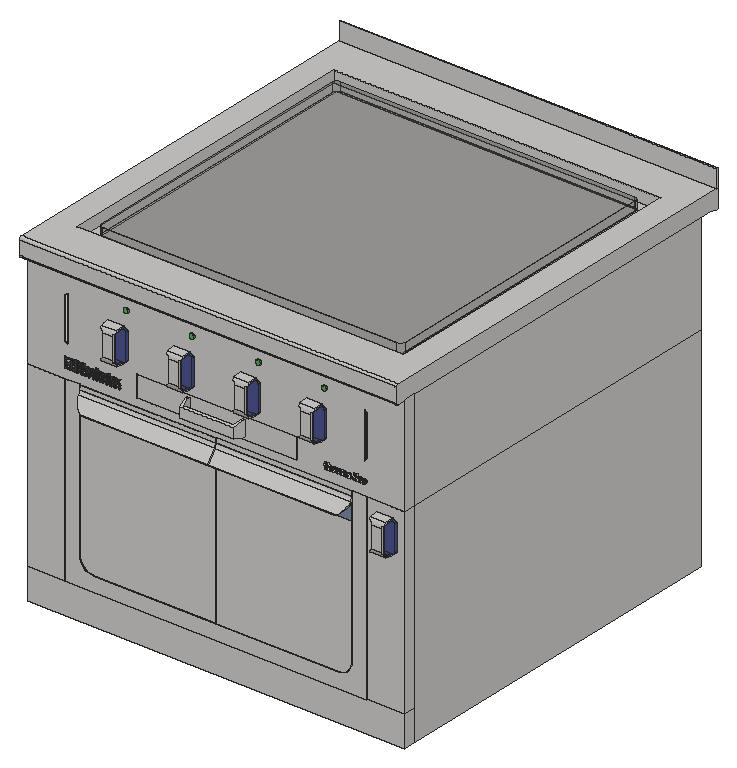
Revit family "QF_ELECTROLUXPROFESSIONAL_588707_MBLUGBH4AO", category Attrezzature speciali, Revit 2020 (continued)
Definition of nested family "Front_Panel_W800_Four Knobs_Spie"
  Definition of nested family "ELX_Professional_Logo_Small"
    Forms (mm)
      Extrusion 2, solid, material <- "Material_Logo"
        sketch origin (15.5, 0, 0) x (1, 0, 0) y (0, 1, 0)
          loop
            line (-38.334, -6.778) -> (-39.241, -6.778) -> (-39.241, -8.166) -> (-38.402, -8.166)
          loop
            circle (-29.965, -8.325) r 2.585
          loop
            circle (-29.965, -8.325) r 1.64
          loop
            line (-23.1, -5.837) -> (-23.1, -10.814) -> (-22.076, -10.814) -> (-22.076, -8.768) -> (-20.204, -8.768) -> (-20.204, -7.828) -> (-22.076, -7.828) -> (-22.076, -6.778) -> (-20.024, -6.778) -> (-20.024, -5.837) -> (-23.1, -5.837)
          loop
            line (-15.802, -5.837) -> (-15.802, -9.2)
            arc (-15.802, -9.2) -> (-15.343, -10.34) -> (-14.209, -10.814) r 1.593
            line (-14.209, -10.814) -> (-12.602, -10.814) -> (-12.602, -10.027) -> (-14.004, -10.027)
            arc (-14.004, -10.027) -> (-14.552, -9.8) -> (-14.779, -9.252) r 0.775
            line (-14.779, -9.252) -> (-14.779, -8.424) -> (-12.789, -8.424) -> (-12.789, -7.642) -> (-14.779, -7.642) -> (-14.779, -6.778) -> (-12.651, -6.778) -> (-12.651, -5.837) -> (-15.802, -5.837)
          loop
            line (-5.909, -7.143) -> (-5.173, -6.638)
            arc (-5.173, -6.638) -> (-5.855, -5.974) -> (-6.781, -5.755) r 1.782
            arc (-6.781, -5.755) -> (-7.397, -5.878) -> (-7.944, -6.189) r 1.974
            arc (-7.944, -6.189) -> (-8.202, -6.5) -> (-8.317, -6.888) r 1.013
            arc (-8.317, -6.888) -> (-8.306, -7.341) -> (-8.192, -7.78) r 1.985
            arc (-8.192, -7.78) -> (-7.749, -8.259) -> (-7.171, -8.563) r 1.928
            arc (-7.171, -8.563) -> (-6.637, -8.779) -> (-6.131, -9.056) r 5.041
            arc (-6.131, -9.056) -> (-5.934, -9.387) -> (-6.09, -9.74) r 0.42
            arc (-6.09, -9.74) -> (-6.631, -9.96) -> (-7.204, -9.845) r 1.016
            arc (-7.204, -9.845) -> (-7.625, -9.603) -> (-7.889, -9.196) r 1.033
            line (-7.889, -9.196) -> (-8.67, -9.686)
            arc (-8.67, -9.686) -> (-8.361, -10.198) -> (-7.908, -10.589) r 1.914
            arc (-7.908, -10.589) -> (-7.334, -10.834) -> (-6.714, -10.896) r 2.063
            arc (-6.714, -10.896) -> (-5.947, -10.743) -> (-5.256, -10.376) r 2.696
            arc (-5.256, -10.376) -> (-4.95, -9.565) -> (-5.108, -8.712) r 1.618
            arc (-5.108, -8.712) -> (-5.448, -8.319) -> (-5.884, -8.035) r 1.876
            arc (-5.884, -8.035) -> (-6.434, -7.789) -> (-6.999, -7.577) r 9.883
            arc (-6.999, -7.577) -> (-7.325, -7.07) -> (-6.854, -6.694) r 0.45
            arc (-6.854, -6.694) -> (-6.329, -6.809) -> (-5.909, -7.143) r 1.197
          loop
            line (1.61, -7.143) -> (2.345, -6.638)
            arc (2.345, -6.638) -> (1.663, -5.974) -> (0.737, -5.755) r 1.782
            arc (0.737, -5.755) -> (0.121, -5.878) -> (-0.425, -6.189) r 1.974
            arc (-0.425, -6.189) -> (-0.683, -6.5) -> (-0.799, -6.888) r 1.013
            arc (-0.799, -6.888) -> (-0.788, -7.341) -> (-0.674, -7.78) r 1.985
            arc (-0.674, -7.78) -> (-0.231, -8.259) -> (0.347, -8.563) r 1.928
            arc (0.347, -8.563) -> (0.881, -8.779) -> (1.387, -9.056) r 5.041
            arc (1.387, -9.056) -> (1.584, -9.387) -> (1.428, -9.74) r 0.42
            arc (1.428, -9.74) -> (0.887, -9.96) -> (0.314, -9.845) r 1.016
            arc (0.314, -9.845) -> (-0.107, -9.603) -> (-0.371, -9.196) r 1.033
            line (-0.371, -9.196) -> (-1.152, -9.686)
            arc (-1.152, -9.686) -> (-0.842, -10.198) -> (-0.39, -10.589) r 1.914
            arc (-0.39, -10.589) -> (0.184, -10.834) -> (0.804, -10.896) r 2.063
            arc (0.804, -10.896) -> (1.572, -10.743) -> (2.263, -10.376) r 2.696
            arc (2.263, -10.376) -> (2.568, -9.565) -> (2.411, -8.712) r 1.618
            arc (2.411, -8.712) -> (2.07, -8.319) -> (1.635, -8.035) r 1.876
            arc (1.635, -8.035) -> (1.084, -7.789) -> (0.519, -7.577) r 9.883
            arc (0.519, -7.577) -> (0.193, -7.07) -> (0.665, -6.694) r 0.45
            arc (0.665, -6.694) -> (1.189, -6.809) -> (1.61, -7.143) r 1.197
          loop
            line (6.801, -5.837) -> (6.801, -10.814) -> (7.825, -10.814) -> (7.825, -5.837) -> (6.801, -5.837)
          loop
            circle (14.724, -8.325) r 1.548
          loop
            circle (14.724, -8.325) r 2.585
          loop
            line (21.59, -10.814) -> (22.623, -10.814) -> (22.623, -7.685) -> (24.9, -10.814) -> (25.895, -10.814) -> (25.895, -5.837) -> (24.861, -5.837) -> (24.861, -9.061) -> (22.585, -5.837) -> (21.59, -5.837) -> (21.59, -10.814)
          loop
            line (31.054, -10.814) -> (31.539, -9.74) -> (33.38, -9.74) -> (33.865, -10.814) -> (34.965, -10.814) -> (32.46, -5.837) -> (29.956, -10.814) -> (31.054, -10.814)
          loop
            line (32.46, -7.698) -> (31.999, -8.719) -> (32.921, -8.719) -> (32.46, -7.698)
          loop
            line (40.047, -9.873) -> (40.047, -5.837) -> (39.024, -5.837) -> (39.024, -10.814) -> (41.961, -10.814) -> (41.961, -9.873) -> (40.047, -9.873)
          loop
            line (-74.986, -10.814) -> (-53.322, -10.814) -> (-53.322, 10.82) -> (-74.986, 10.82) -> (-74.986, -10.814)
          loop
            line (-61.261, 9.758) -> (-61.261, -9.707)
            arc (-61.261, -9.707) -> (-54.066, 0.025) -> (-61.261, 9.758) r 10.18
          loop
            line (-62.251, 8.349) -> (-62.251, 9.758)
            arc (-62.251, 9.758) -> (-70.347, 7.918) -> (-74.247, 0.59) r 9.976
            line (-74.247, 0.59) -> (-71.026, 0.59)
            arc (-71.026, 0.59) -> (-65.274, 2.925) -> (-62.251, 8.349) r 9.351
          loop
            arc (-74.247, -0.539) -> (-70.353, -7.928) -> (-62.251, -9.957) r 10.237
            line (-62.251, -9.957) -> (-62.251, -8.298)
            arc (-62.251, -8.298) -> (-65.274, -2.874) -> (-71.026, -0.539) r 9.351
            line (-71.026, -0.539) -> (-74.247, -0.539)
        from 0 to 1.644
    Dimensions and locks
      aligned and locked: plane 2 to Extrusion 1
      aligned and locked: level to Extrusion 1
Definition of nested family "H450H2_2DOOR"
  Parameters
    Width [instance] = 580 mm
    Wdoor [instance] = Width / 2  # 290 mm
    Show Clearance [instance] = yes
    Model = "727995"
    Height = 450 mm
    Default Elevation = 0 mm
  Reference planes
    plane 1 "Center (Front/Back)": y = 0
    plane 2: z = 0
    plane 3 "Center (Left/Right)": x = 36.042
    plane 4 "panel": z = 25
    plane 5: x = -253.958
    plane 6: x = 326.042
    plane 7: y = 450
    plane 8: z = 290
    plane 9: z = 45
  Forms (mm)
    Extrusion 1, solid
      sketch origin (0, -919.2, 0) x (1, 0, 0) y (0, 1, 0)
        loop
          line (-980.5, 2119.2) -> (-980.5, -162.846) -> (881.94, -162.846) -> (881.94, 2119.2) -> (-980.5, 2119.2)
      from 0 to -59.546
    Extrusion 2, solid
      sketch origin (0, 0, 0) x (1, 0, 0) y (0, 1, 0)
        loop
          line (324.042, 393) -> (37.042, 393) -> (37.042, 97) -> (294.042, 97)
          arc (294.042, 97) -> (315.255, 105.787) -> (324.042, 127) r 30
          line (324.042, 127) -> (324.042, 393)
        loop
          arc (-251.958, 127) -> (-243.171, 105.787) -> (-221.958, 97) r 30
          line (-221.958, 97) -> (35.042, 97) -> (35.042, 393) -> (-251.958, 393) -> (-251.958, 127)
      from 0 to 25
    Extrusion 3, solid
      sketch origin (0, 0, 0) x (1, 0, 0) y (0, 1, 0)
        loop
          line (-251.958, 393) -> (35.042, 393) -> (35.042, 440) -> (-251.958, 440) -> (-251.958, 393)
        loop
          line (37.042, 440) -> (37.042, 393) -> (324.042, 393) -> (324.042, 440) -> (37.042, 440)
      from 0 to 25
    Extrusion 4, solid
      sketch origin (5.581, 79.805, 0) x (1, 0, 0) y (0, 1, 0)
        loop
          line (-257.539, 360.195) -> (29.461, 360.195) -> (29.461, 370.195) -> (-257.539, 370.195) -> (-257.539, 360.195)
        loop
          line (31.461, 370.195) -> (31.461, 360.195) -> (318.461, 360.195) -> (318.461, 370.195) -> (31.461, 370.195)
      from 0 to 25
    Extrusion 5, solid
      sketch origin (36.042, 0, 0) x (0, 1, 0) y (0, 0, 1)
        loop
          line (426.693, 25) -> (440.02, 25)
          arc (440.02, 25) -> (435.261, 25.775) -> (430.993, 28.02) r 15
          line (430.993, 28.02) -> (406.653, 46.362) -> (403.644, 42.369) -> (426.693, 25)
      from 1 to 288
    Extrusion 6, solid
      sketch origin (36.042, 0, 0) x (0, 1, 0) y (0, 0, 1)
        loop
          line (426.693, 25) -> (440.02, 25)
          arc (440.02, 25) -> (435.261, 25.775) -> (430.993, 28.02) r 15
          line (430.993, 28.02) -> (406.653, 46.362) -> (403.644, 42.369) -> (426.693, 25)
      from -288 to -1
    Extrusion 7, void
      sketch origin (0, 0, 0) x (1, 0, 0) y (0, 1, 0)
        loop
          arc (324.042, 426.693) -> (314.508, 412.772) -> (300.317, 403.644) r 42.603
          line (300.317, 403.644) -> (324.042, 403.644) -> (324.042, 426.693)
      from 0 to 47.9
    Extrusion 8, void
      sketch origin (72.084, 0, 0) x (-1, 0, 0) y (0, -1, 0)
        loop
          line (324.042, -426.693) -> (324.042, -403.644) -> (300.317, -403.644)
          arc (300.317, -403.644) -> (314.508, -412.772) -> (324.042, -426.693) r 42.603
      from 0 to 47.9
    Extrusion 9, solid, detail levels coarse
      sketch origin (0, 0, 0) x (1, 0, 0) y (0, 0, 1)
        loop
          arc (36.042, 25) -> (-41.575, 212.383) -> (-228.958, 290) r 265
          line (-228.958, 290) -> (-228.958, 25) -> (36.042, 25)
      from -450 to -97
    Extrusion 10, solid, detail levels coarse
      sketch origin (0, 0, 0) x (1, 0, 0) y (0, 0, 1)
        loop
          arc (301.042, 290) -> (113.659, 212.383) -> (36.042, 25) r 265
          line (36.042, 25) -> (301.042, 25) -> (301.042, 290)
      from -450 to -97
  Cuts and joins
    Extrusion 8 cuts Extrusion 6
    Extrusion 7 cuts Extrusion 5
  Lines and regions (mm)
    symbolic lines
      curve 1: line (326.042, 0, 45) -> (326.042, 0, 290)
      curve 2: line (301.042, 0, 45) -> (301.042, 0, 290)
      curve 3: line (326.042, 0, 290) -> (301.042, 0, 290)
      curve 4: line (-253.958, 0, 45) -> (-253.958, 0, 290)
      curve 5: line (-228.958, 0, 45) -> (-228.958, 0, 290)
      curve 6: line (-253.958, 0, 290) -> (-228.958, 0, 290)
      curve 7: arc (301.042, 0, 290) -> (120.901, 0, 219.356) -> (36.804, 0, 45.088) r 265
      curve 8: arc (35.286, 0, 44.997) -> (-48.783, 0, 219.325) -> (-228.958, 0, 290) r 265
  Dimensions and locks
    plane 4 "panel" to level = 25 mm
    "Width": plane 5 to plane 6
    equal spacing: plane 5, plane 3 "Center (Left/Right)", plane 6
    "Height": plane 1 "Center (Front/Back)" to plane 7
    locked: plane 5 to Extrusion 2 sketch curve at 2
    locked: Extrusion 2 sketch curve to plane 6 at 2
    locked: plane 1 "Center (Front/Back)" to Extrusion 2 sketch curve at 97
    locked: plane 7 to Extrusion 2 sketch curve at 57
    locked: Extrusion 2 sketch curve to plane 3 "Center (Left/Right)" at 1
    locked: plane 3 "Center (Left/Right)" to Extrusion 2 sketch curve at 1
    Extrusion 3 sketch curve to Extrusion 2 = 47 mm
    "Wdoor": plane 8 to level
    locked: curve 2 to curve 1 at 25
    locked: curve 5 to curve 4 at 25
    plane 4 "panel" to plane 9 = 20 mm
    aligned and locked: plane 2 to Extrusion 1
    aligned and locked: level to Extrusion 1
    aligned and locked: plane 4 "panel" to Extrusion 2
    aligned and locked: Extrusion 2 to Extrusion 3 sketch curve
    aligned and locked: Extrusion 3 sketch curve to Extrusion 2  (x2)
    aligned and locked: Extrusion 3 sketch curve to Extrusion 3 sketch curve
    aligned and locked: plane 4 "panel" to Extrusion 3
    aligned and locked: Extrusion 4 sketch curve to Extrusion 4 sketch curve
    aligned and locked: Extrusion 4 sketch curve to Extrusion 3  (x3)
    aligned and locked: Extrusion 3 to Extrusion 4 sketch curve
    aligned and locked: Extrusion 4 sketch curve to plane 7
    aligned and locked: Extrusion 3 to Extrusion 5
    aligned and locked: Extrusion 5 to Extrusion 3
    aligned and locked: Extrusion 6 to Extrusion 3
    aligned and locked: Extrusion 3 to Extrusion 6
    aligned and locked: Extrusion 7 sketch curve to Extrusion 5
    aligned and locked: Extrusion 8 to Extrusion 6
    aligned and locked: Extrusion 4 to Extrusion 8
    aligned and locked: Extrusion 2 to Extrusion 7
    aligned and locked: Extrusion 7 to Extrusion 5
    aligned and locked: Extrusion 4 to Extrusion 3  (x2)
    aligned and locked: Extrusion 3 to Extrusion 2
    aligned and locked: Extrusion 4 to Extrusion 2
    aligned and locked: curve 3 to plane 8
    aligned and locked: curve 1 to plane 6
    aligned and locked: curve 4 to plane 5
    aligned and locked: Extrusion 9 sketch curve to plane 4 "panel"
    aligned and locked: Extrusion 10 sketch curve to curve 7
    aligned and locked: Extrusion 10 sketch curve to curve 2
    aligned and locked: Extrusion 2 to Extrusion 9
    aligned and locked: Extrusion 2 to Extrusion 10
    aligned and locked: plane 7 to Extrusion 9
    aligned and locked: Extrusion 3 to Extrusion 4
  Automatic sketch dimensions
    Extrusion 1 sketch curve to Extrusion 1 sketch curve = 1862.44 mm
    Extrusion 1 sketch curve to Extrusion 1 sketch curve = 2282.046 mm
    Extrusion 2 sketch curve to Extrusion 2 sketch curve = 30 mm  (x2)
    Extrusion 2 sketch curve to plane 1 "Center (Front/Back)" = 97 mm
    Extrusion 2 sketch curve to Extrusion 2 sketch curve = 0 mm
    Extrusion 3 sketch curve to plane 3 "Center (Left/Right)" = 1 mm
    plane 5 to Extrusion 3 sketch curve = 2 mm
    Extrusion 3 sketch curve to Extrusion 3 sketch curve = 0 mm
    Extrusion 5 sketch curve to plane 4 "panel" = 0 mm
    plane 4 "panel" to Extrusion 5 sketch curve = 17.369 mm
    Extrusion 5 sketch curve to plane 7 = 46.356 mm
    plane 4 "panel" to Extrusion 5 sketch curve = 21.362 mm
    Extrusion 5 sketch curve to Extrusion 5 sketch curve = 3.009 mm
    plane 4 "panel" to Extrusion 5 sketch curve = 3.02 mm
    Extrusion 5 sketch curve to Extrusion 5 sketch curve = 9.027 mm
    Extrusion 6 sketch curve to plane 4 "panel" = 0 mm
    plane 4 "panel" to Extrusion 6 sketch curve = 17.369 mm
    Extrusion 6 sketch curve to plane 7 = 46.356 mm
    plane 4 "panel" to Extrusion 6 sketch curve = 21.362 mm
    Extrusion 6 sketch curve to Extrusion 6 sketch curve = 3.009 mm
    plane 4 "panel" to Extrusion 6 sketch curve = 3.02 mm
    Extrusion 6 sketch curve to Extrusion 6 sketch curve = 9.027 mm
    Extrusion 7 sketch curve to Extrusion 7 sketch curve = 23.725 mm
    Extrusion 7 sketch curve to plane 7 = 6.671 mm
    Extrusion 7 sketch curve to plane 6 = 41.221 mm
    Extrusion 7 sketch curve to plane 7 = 23.307 mm
    plane 7 to Extrusion 8 sketch curve = 6.671 mm
    Extrusion 8 sketch curve to plane 5 = 41.221 mm
    Extrusion 8 sketch curve to plane 5 = 25.725 mm
    Extrusion 8 sketch curve to plane 5 = 2 mm
    plane 7 to Extrusion 8 sketch curve = 23.307 mm
    Extrusion 4 sketch curve to Extrusion 4 sketch curve = 10 mm
    Extrusion 4 sketch curve to plane 7 = 10 mm
    curve 2 to plane 9 = 0 mm
    curve 5 to plane 9 = 0 mm
    curve 4 to plane 9 = 0 mm
    curve 1 to plane 9 = 0 mm
    curve 8 to plane 4 "panel" = 0 mm
    curve 5 to plane 8 = 0 mm
    curve 8 to plane 9 = 0.003 mm
    curve 7 to plane 4 "panel" = 0 mm
    plane 9 to curve 7 = 0.088 mm
Definition of nested family "Warm"
  Reference planes
    plane 1 "Center (Front/Back)": y = 0
    plane 2: z = 0
    plane 3 "Center (Left/Right)": x = 0
  Lines and regions (mm)
    detail lines, in view "Ref. Level"
      curve 1: circle (-165.742, 180.331, 0) r 45 normal (0, 0, 1)
      curve 2: line (-165.742, 125.331, 0) -> (-165.742, 80.331, 0)
      curve 3: line (-165.742, 235.331, 0) -> (-165.742, 280.331, 0)
      curve 4: line (-105.742, 180.331, 0) -> (-65.742, 180.331, 0)
      curve 5: line (-220.742, 180.331, 0) -> (-265.742, 180.331, 0)
      curve 6: line (-126.851, 141.44, 0) -> (-95.031, 109.62, 0)
      curve 7: line (-204.632, 219.221, 0) -> (-236.452, 251.041, 0)
      curve 8: line (-126.851, 219.221, 0) -> (-95.031, 251.041, 0)
      curve 9: line (-204.632, 141.44, 0) -> (-236.452, 109.62, 0)
